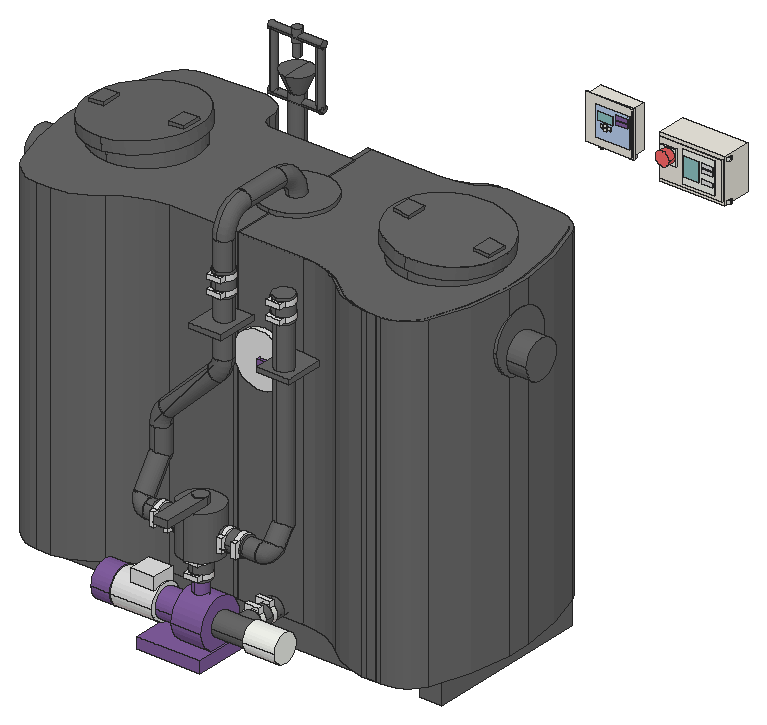
Revit family "93007.02_ms", category Generic Models, Revit 2021 (continued)
Definition of nested family "93007.02_ms_part3_X0Y0"
  Definition of nested family "93007.02_ms_part3_content"
    Forms (mm)
      Extrusion 43, solid, detail levels medium+fine
        sketch origin (-306, 386, 1128) x (1, 0, 0) y (0, 1, 0)
          loop
            circle (0, 0) r 31.5
        from 0 to 526.6
      Revolve 44, solid, detail levels medium+fine
        sketch origin (-111, 386, 1128) x (0, 1, 0) y (-1, 0, 0)
          loop
            circle (0, 0) r 31.5
          axis (0, 97.5) -> (-1, 97.5)
        angle from 0 to 180
      Extrusion 45, solid, detail levels medium+fine
        sketch origin (-111, 386, 1213.5) x (0, -1, 0) y (-1, 0, 0)
          loop
            circle (0, 0) r 31.5
        from 0 to 85.5
      Extrusion 46, solid, detail levels medium+fine
        sketch origin (-420.944, 385.5, 1619.31) x (0, 1, 0) y (0, 0, 1)
          loop
            circle (0, 0) r 15
        from 0 to 230
      Extrusion 47, solid, detail levels medium+fine
        sketch origin (-205.95, 385.5, 1868.27) x (1, 0, 0) y (0, -1, 0)
          loop
            circle (0, 0) r 15
        from 0 to 249.25
      Extrusion 48, solid, detail levels medium+fine
        sketch origin (-421, 385.5, 1868.27) x (0, 1, 0) y (0, 0, 1)
          loop
            circle (0, 0) r 15
        from 0 to 230
      Extrusion 49, solid, detail levels medium+fine
        sketch origin (-306, 386, 1845.9) x (1, 0, 0) y (0, 1, 0)
          loop
            circle (0, 0) r 19.25
        from 0 to 52
      Extrusion 50, solid, detail levels medium+fine
        sketch origin (-306, 386, 1787.9) x (1, 0, 0) y (0, 1, 0)
          loop
            circle (0, 0) r 14
        from 0 to 58
      Extrusion 51, solid, detail levels medium+fine
        sketch origin (-406.05, 385.5, 1868.27) x (1, 0, 0) y (0, -1, 0)
          loop
            circle (0, 0) r 15
        from 0 to 249.25
      Revolve 52, solid, detail levels medium+fine
        sketch origin (-306, 386, 1654.6) x (0, 0, 1) y (0, 1, 0)
          loop
            line (-0.5, 0) -> (81, 0) -> (81, 65) -> (-0.5, 31) -> (-0.5, 0)
          axis (81, 0) -> (-0.5, 0)
        angle from -360 to 0
      Extrusion 53, solid, detail levels medium+fine
        sketch origin (-10.5, -39.5, 113) x (1, 0, 0) y (0, 1, 0)
          loop
            line (-439.233, 490.866) -> (-401.23, 444.65) -> (-398.98, 401.88)
            arc (-398.98, 401.88) -> (-390.995, 360.34) -> (-349.1, 354.5) r 36.34
            line (-349.1, 354.5) -> (12.5, 354.349) -> (12.5, 444.5) -> (-278.77, 444.5)
            arc (-278.77, 444.5) -> (-362.02, 457.236) -> (-439.233, 490.866) r 326.113
        from 0 to 703
      Extrusion 54, solid, detail levels medium+fine
        sketch origin (-418.5, -305, 0) x (0, 1, 0) y (0, 0, 1)
          loop
            line (0, 113) -> (0, 0) -> (700, 0) -> (700, 113) -> (0, 113)
        from 0 to 990
      Extrusion 55, solid, detail levels medium+fine
        sketch origin (626.47, 0, 1292.371) x (0, 1, 0) y (-0.996195, 0, 0.087156)
          loop
            circle (0, 0) r 211
        from 0 to 281.6
      Extrusion 56, solid, detail levels medium+fine
        sketch origin (651, 0, 1572.8) x (0, 1, 0) y (-0.996195, 0, 0.087156)
          loop
            circle (0, 0) r 233
        from 0 to 51
      Extrusion 57, solid, detail levels medium+fine
        sketch origin (516.07, 41, 1635.8) x (0, -1, 0) y (0.087156, 0, 0.996195)
          loop
            line (0, 12) -> (0, -0.5) -> (82, -0.5) -> (82, 12) -> (0, 12)
        from 0 to 66
      Extrusion 58, solid, detail levels medium+fine
        sketch origin (795, -41, 1611.4) x (0, 1, 0) y (0.087156, 0, 0.996195)
          loop
            line (0, 12) -> (0, -0.5) -> (82, -0.5) -> (82, 12) -> (0, 12)
        from 0 to 66
      Extrusion 59, solid, detail levels medium+fine
        sketch origin (-626.47, 0, 1292.37) x (0, -1, 0) y (0.996195, 0, 0.087156)
          loop
            circle (0, 0) r 211
        from 0 to 281.6
      Extrusion 60, solid, detail levels medium+fine
        sketch origin (-651, 0, 1572.8) x (0, -1, 0) y (0.996195, 0, 0.087156)
          loop
            circle (0, 0) r 233
        from 0 to 51
      Extrusion 61, solid, detail levels medium+fine
        sketch origin (-516.07, -41, 1635.8) x (0, 1, 0) y (-0.087156, 0, 0.996195)
          loop
            line (0, 12) -> (0, -0.5) -> (82, -0.5) -> (82, 12) -> (0, 12)
        from 0 to 66
      Extrusion 62, solid, detail levels medium+fine
        sketch origin (-795, 41, 1611.4) x (0, -1, 0) y (-0.087156, 0, 0.996195)
          loop
            line (0, 12) -> (0, -0.5) -> (82, -0.5) -> (82, 12) -> (0, 12)
        from 0 to 66
      Extrusion 63, solid, detail levels medium+fine
        sketch origin (-111, 326, 1273.5) x (0, 0, -1) y (1, 0, 0)
          loop
            circle (0, 0) r 31.5
        from 0 to 11.1
      Revolve 64, solid, detail levels medium+fine
        sketch origin (-111, 326, 1273.5) x (0, 0, -1) y (-1, 0, 0)
          loop
            circle (0, 0) r 31.5
          axis (60, 0) -> (60, -1)
        angle from -90 to 0
      Extrusion 65, solid, detail levels medium+fine
        sketch origin (-931.8, 0, 1293) x (0, -1, 0) y (0, 0, 1)
          loop
            circle (0, 0) r 126.5
        from 0 to 34
      Extrusion 66, solid, detail levels medium+fine
        sketch origin (-965.8, 0, 1336) x (0, -1, 0) y (0, 0, 1)
          loop
            circle (0, 0) r 80
        from 0 to 137.5
      Extrusion 67, solid, detail levels medium+fine
        sketch origin (931.9, 0, 1305) x (0, 1, 0) y (0, 0, 1)
          loop
            circle (0, 0) r 126.5
        from 0 to 31
      Extrusion 68, solid, detail levels medium+fine
        sketch origin (962.9, 0, 1265) x (0, 1, 0) y (0, 0, 1)
          loop
            circle (0, 0) r 80
        from 0 to 87.5
      Extrusion 69, solid, detail levels medium+fine
        sketch origin (0, -391, 1331.5) x (0, 1, 0) y (-1, 0, 0)
          loop
            circle (0, 0) r 45
        from 0 to 20
      Extrusion 70, solid, detail levels medium+fine
        sketch origin (0, -391, 1321.5) x (0, 1, 0) y (-1, 0, 0)
          loop
            circle (0, 0) r 42
        from 0 to 100
      Extrusion 71, solid, detail levels medium+fine
        sketch origin (0, -391, 1391.5) x (0, 1, 0) y (-1, 0, 0)
          loop
            circle (0, 0) r 45
        from 0 to 20
      Extrusion 72, solid, detail levels medium+fine
        sketch origin (-30, -422, 1351.5) x (0, 0, -1) y (1, 0, 0)
          loop
            line (0, 60) -> (0, 0) -> (20, 0) -> (20, 60) -> (0, 60)
        from 0 to 25
      Extrusion 73, solid, detail levels medium+fine
        sketch origin (-30, -422, 1411.5) x (0, 0, -1) y (1, 0, 0)
          loop
            line (0, 60) -> (0, 0) -> (20, 0) -> (20, 60) -> (0, 60)
        from 0 to 25
      Revolve 74, solid, detail levels medium+fine
        sketch origin (0, -391, 1539) x (0, 1, 0) y (-1, 0, 0)
          loop
            circle (0, 0) r 37.5
          axis (100, 0) -> (100, -1)
        angle from -90 to 0
      Extrusion 75, solid, detail levels medium+fine
        sketch origin (154.75, -243, 135) x (0, 0, -1) y (1, 0, 0)
          loop
            circle (0, 0) r 42
        from 0 to 113
      Extrusion 76, solid, detail levels medium+fine
        sketch origin (154.75, -353, 135) x (0, 0, -1) y (1, 0, 0)
          loop
            circle (0, 0) r 45
        from 0 to 20
      Extrusion 77, solid, detail levels medium+fine
        sketch origin (184.75, -373, 166) x (0, 1, 0) y (-1, 0, 0)
          loop
            line (0, 60) -> (0, 0) -> (20, 0) -> (20, 60) -> (0, 60)
        from 0 to 25
      Extrusion 78, solid, detail levels medium+fine
        sketch origin (154.75, -511.5, 135) x (-1, 0, 0) y (0, 0, 1)
          loop
            circle (0, 0) r 40
        from 0 to 196.5
      Extrusion 79, solid, detail levels medium+fine
        sketch origin (154.75, -413, 135) x (0, 0, -1) y (1, 0, 0)
          loop
            circle (0, 0) r 45
        from 0 to 20
      Extrusion 80, solid, detail levels medium+fine
        sketch origin (184.75, -433, 166) x (0, 1, 0) y (-1, 0, 0)
          loop
            line (0, 60) -> (0, 0) -> (20, 0) -> (20, 60) -> (0, 60)
        from 0 to 25
      Extrusion 81, solid, detail levels medium+fine
        sketch origin (82.5, -514, 135) x (0, 1, 0) y (0, 0, 1)
          loop
            circle (0, 0) r 50
        from 0 to 144.5
      Extrusion 82, solid, detail levels medium+fine
        sketch origin (-47, -514, 135) x (0, 1, 0) y (0, 0, 1)
          loop
            circle (0, 0) r 101
        from 0 to 129.5
      Extrusion 83, solid, detail levels medium+fine
        sketch origin (0, -514, 284) x (-1, 0, 0) y (0, 1, 0)
          loop
            circle (0, 0) r 31.5
        from 0 to 149
      Extrusion 84, solid, detail levels medium+fine
        sketch origin (-152, -514, 135) x (0, 1, 0) y (0, 0, 1)
          loop
            circle (0, 0) r 60
        from 0 to 105
      Extrusion 85, solid, detail levels medium+fine
        sketch origin (0, -514, 284) x (0, 1, 0) y (-1, 0, 0)
          loop
            circle (0, 0) r 42
        from 0 to 100
      Extrusion 86, solid, detail levels medium+fine
        sketch origin (0, -514, 294) x (0, 1, 0) y (-1, 0, 0)
          loop
            circle (0, 0) r 45
        from 0 to 20
      Extrusion 87, solid, detail levels medium+fine
        sketch origin (0, -514, 354) x (0, 1, 0) y (-1, 0, 0)
          loop
            circle (0, 0) r 45
        from 0 to 20
      Extrusion 88, solid, detail levels medium+fine
        sketch origin (-30, -545, 314) x (0, 0, -1) y (1, 0, 0)
          loop
            line (0, 60) -> (0, 0) -> (20, 0) -> (20, 60) -> (0, 60)
        from 0 to 25
      Extrusion 89, solid, detail levels medium+fine
        sketch origin (-30, -545, 374) x (0, 0, -1) y (1, 0, 0)
          loop
            line (0, 60) -> (0, 0) -> (20, 0) -> (20, 60) -> (0, 60)
        from 0 to 25
      Extrusion 90, solid, detail levels medium+fine
        sketch origin (97.5, -410, 0) x (0, -1, 0) y (0, 0, 1)
          loop
            line (0, 48) -> (0, 0) -> (230, 0) -> (230, 48) -> (0, 48)
        from 0 to 272
      Extrusion 91, solid, detail levels medium+fine
        sketch origin (227, -514, 135) x (0, 1, 0) y (0, 0, 1)
          loop
            circle (0, 0) r 58.5
        from 0 to 135.5
      Extrusion 92, solid, detail levels medium+fine
        sketch origin (-333, -514, 135) x (0, 1, 0) y (0, 0, 1)
          loop
            circle (0, 0) r 73.5
        from 0 to 181
      Extrusion 93, solid, detail levels medium+fine
        sketch origin (-262, -564.5, 188.5) x (0, 1, 0) y (0, 0, 1)
          loop
            line (0, 60) -> (0, 5) -> (100, 5) -> (100, 60) -> (0, 60)
        from 0 to 100
      Extrusion 94, solid, detail levels medium+fine
        sketch origin (-413, -514, 135) x (0, 1, 0) y (0, 0, 1)
          loop
            circle (0, 0) r 73.5
        from 0 to 80
      Extrusion 95, solid, detail levels medium+fine
        sketch origin (771.5, -305, 0) x (0, 1, 0) y (0, 0, 1)
          loop
            line (0, 113) -> (0, 0) -> (700, 0) -> (700, 113) -> (0, 113)
        from 0 to 96
      Extrusion 96, solid, detail levels medium+fine
        sketch origin (0, 0, 1523) x (0, 1, 0) y (-1, 0, 0)
          loop
            circle (0, 0) r 148.5
        from 0 to 16.03
      Revolve 97, solid, detail levels medium+fine
        sketch origin (0, -0.5, 1539) x (0, -1, 0) y (1, 0, 0)
          loop
            circle (0, 0) r 37.5
          axis (100, 0) -> (100, -1)
        angle from -90 to 0
      Extrusion 98, solid, detail levels medium+fine
        sketch origin (0, -291, 1639) x (-1, 0, 0) y (0, 0, 1)
          loop
            circle (0, 0) r 37.5
        from 0 to 190.5
      Extrusion 99, solid, detail levels coarse
        sketch origin (-26.45, -125.971, 0) x (1, 0, 0) y (0, 1, 0)
          loop
            line (-1076.85, -604.029) -> (1076.85, -604.029) -> (1076.85, 604.029) -> (-1076.85, 604.029) -> (-1076.85, -604.029)
        from 0 to 1897.9
    Dimensions and locks
      aligned and locked: level to plane 2
